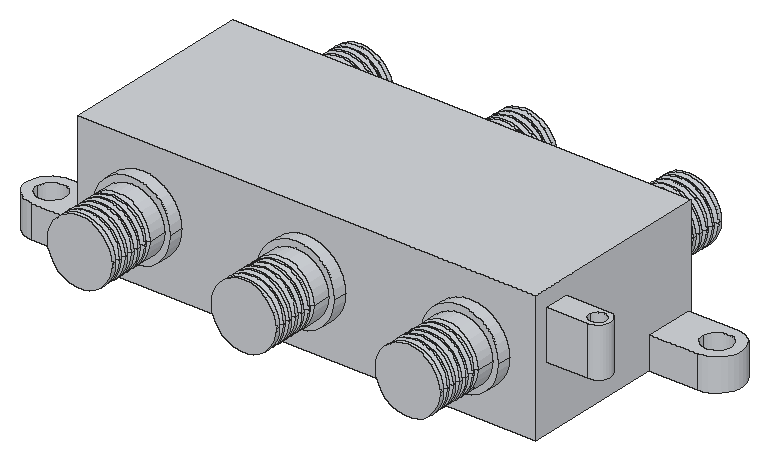
Revit family "Derivador 417-423-426", category Aparatos eléctricos, Revit 2019 (continued)
Lines and regions (mm)
  model lines, detail levels fine
    curve 237: line (23.021, -4.919, 20) -> (23.809, -4.919, 20)
    curve 238: line (23.809, -4.919, 20) -> (23.809, -4.432, 20)
    curve 239: arc (23.021, -4.919, 20) -> (22.889, -5.01, 20) -> (22.839, -5.162, 20) r 0.254
    curve 240: line (21.911, -6.133, 20) -> (21.911, -6.614, 20)
    curve 241: line (26.008, -6.085, 20) -> (24.818, -6.085, 20)
    curve 242: arc (24.818, -6.085, 20) -> (24.612, -6.001, 20) -> (24.522, -5.797, 20) r 0.296
    curve 243: line (26.008, -6.614, 20) -> (26.008, -6.085, 20)
    curve 244: line (26.358, -4.396, 20) -> (26.358, -6.614, 20)
    curve 245: line (26.358, -4.396, 20) -> (26.845, -4.396, 20)
    curve 246: line (26.358, -6.614, 20) -> (26.845, -6.614, 20)
    curve 247: line (31.914, -6.614, 20) -> (31.914, -6.133, 20)
    curve 248: line (17.174, -4.396, 20) -> (17.174, -6.614, 20)
    curve 249: circle (16.93, -3.916, 20) r 0.288 normal (0, 0, 1)
    curve 250: line (16.722, -4.396, 20) -> (16.722, -6.614, 20)
    curve 251: line (16.722, -4.396, 20) -> (17.174, -4.396, 20)
    curve 252: line (16.651, -6.614, 20) -> (17.174, -6.614, 20)
    curve 253: line (19.385, -4.36, 20) -> (19.879, -4.36, 20)
    curve 254: arc (18.35, -5.921, 20) -> (18.503, -6.027, 20) -> (18.655, -5.921, 20) r 0.163
    curve 255: line (24.159, 0.078, 20) -> (22.603, 1.004, 20)
    curve 256: line (20.928, -0.824, 20) -> (22.592, -1.973, 20)
    curve 257: arc (22.592, -1.973, 20) -> (22.67, -1.998, 20) -> (22.749, -1.973, 20) r 0.139
    curve 258: line (20.928, -0.824, 20) -> (20.666, -0.411, 20)
    curve 259: line (24.159, 0.078, 20) -> (24.336, -0.376, 20)
    curve 260: arc (22.656, 3.752, 20) -> (22.527, 3.751, 20) -> (22.406, 3.709, 20) r 0.387
    curve 261: arc (22.603, 1.004, 20) -> (22.471, 1.039, 20) -> (22.339, 1.004, 20) r 0.269
    curve 262: line (-25.242, -3.3, 20) -> (-25.867, -3.3, 20)
    curve 263: line (-25.867, -3.3, 20) -> (-26.409, -2.419, 20)
    curve 264: line (-26.409, -2.419, 20) -> (-27.03, -2.425, 20)
    curve 265: line (-27.03, -2.425, 20) -> (-27.03, -3.3, 20)
    curve 266: line (-27.03, -3.3, 20) -> (-27.461, -3.3, 20)
    curve 267: line (-27.461, -3.3, 20) -> (-27.461, -1.987, 20)
    curve 268: line (-27.461, -1.987, 20) -> (-26.167, -1.987, 20)
    curve 269: arc (-26.167, -1.987, 20) -> (-25.901, -1.721, 20) -> (-26.167, -1.454, 20) r 0.266
    curve 270: line (-26.167, -1.454, 20) -> (-27.461, -1.454, 20)
    curve 271: line (-27.461, -1.454, 20) -> (-27.461, -1.006, 20)
    curve 272: line (-27.461, -1.006, 20) -> (-26.114, -1.006, 20)
    curve 273: arc (-26.114, -1.006, 20) -> (-25.422, -1.63, 20) -> (-25.974, -2.381, 20) r 0.695
    curve 274: line (-25.974, -2.381, 20) -> (-25.242, -3.3, 20)
    curve 275: line (-24.403, -1.552, 20) -> (-24.403, -3.36, 20)
    curve 276: circle (-24.602, -1.16, 20) r 0.234 normal (0, 0, 1)
    curve 277: line (-24.83, -1.552, 20) -> (-24.83, -3.36, 20)
    curve 278: line (-24.83, -1.552, 20) -> (-24.403, -1.552, 20)
    curve 279: line (-24.83, -3.36, 20) -> (-24.403, -3.36, 20)
    curve 280: line (-24.097, -1.56, 20) -> (-23.469, -1.56, 20)
    curve 281: line (-23.469, -1.56, 20) -> (-23.469, -3.344, 20)
    curve 282: line (-23.469, -3.344, 20) -> (-22.933, -3.344, 20)
    curve 283: line (-22.933, -3.344, 20) -> (-22.933, -1.56, 20)
    curve 284: line (-22.933, -1.56, 20) -> (-22.311, -1.56, 20)
    curve 285: line (-24.097, -1.024, 20) -> (-22.311, -1.024, 20)
    curve 286: line (-24.097, -1.56, 20) -> (-24.097, -1.024, 20)
    curve 287: line (-22.311, -1.56, 20) -> (-22.311, -1.024, 20)
    curve 288: line (-20.392, -3.301, 20) -> (-21.619, -3.301, 20)
    curve 289: arc (-21.619, -3.301, 20) -> (-21.939, -3.165, 20) -> (-22.063, -2.84, 20) r 0.444
    curve 290: line (-22.063, -2.84, 20) -> (-22.063, -1.926, 20)
    curve 291: arc (-22.063, -1.926, 20) -> (-21.948, -1.636, 20) -> (-21.667, -1.502, 20) r 0.425
    curve 292: line (-21.667, -1.502, 20) -> (-20.847, -1.502, 20)
    curve 293: arc (-20.847, -1.502, 20) -> (-20.298, -2.021, 20) -> (-20.817, -2.57, 20) r 0.534
    curve 294: line (-20.817, -2.57, 20) -> (-21.483, -2.57, 20)
    curve 295: arc (-21.483, -2.57, 20) -> (-21.652, -2.739, 20) -> (-21.483, -2.909, 20) r 0.169
    curve 296: line (-21.483, -2.909, 20) -> (-20.392, -2.909, 20)
    curve 297: line (-18.509, -3.301, 20) -> (-19.596, -3.301, 20)
    curve 298: arc (-19.596, -3.301, 20) -> (-19.98, -3.186, 20) -> (-20.121, -2.811, 20) r 0.45
    curve 299: line (-20.121, -2.811, 20) -> (-20.121, -1.051, 20)
    curve 300: line (-20.121, -1.051, 20) -> (-19.721, -1.051, 20)
    curve 301: line (-19.721, -1.051, 20) -> (-19.721, -2.635, 20)
    curve 302: spline (-20.692, -2.087, 20) -> (-20.709, -2.03, 20) -> (-20.758, -1.978, 20) -> (-20.836, -1.932, 20) -> (-20.938, -1.898, 20) -> (-21.056, -1.876, 20) -> (-21.184, -1.868, 20) -> (-21.311, -1.876, 20) -> (-21.43, -1.898, 20) -> (-21.532, -1.932, 20) -> (-21.61, -1.978, 20) -> (-21.659, -2.03, 20) -> (-21.676, -2.087, 20) -> (-21.659, -2.143, 20) -> (-21.61, -2.196, 20) -> (-21.532, -2.241, 20) -> (-21.43, -2.275, 20) -> (-21.311, -2.297, 20) -> (-21.184, -2.305, 20) -> (-21.056, -2.297, 20) -> (-20.938, -2.275, 20) -> (-20.836, -2.241, 20) -> (-20.758, -2.196, 20) -> (-20.709, -2.143, 20) -> (-20.692, -2.087, 20)
    curve 303: line (-20.392, -2.909, 20) -> (-20.392, -3.301, 20)
    curve 304: line (-18.509, -2.87, 20) -> (-19.479, -2.87, 20)
    curve 305: arc (-19.479, -2.87, 20) -> (-19.647, -2.801, 20) -> (-19.721, -2.635, 20) r 0.242
    curve 306: line (-18.509, -3.301, 20) -> (-18.509, -2.87, 20)
    curve 307: line (114.004, 46.287, 0) -> (113.237, 46.287, 0)
    curve 308: line (113.237, 46.287, 0) -> (112.572, 47.368, 0)
    curve 309: line (112.572, 47.368, 0) -> (111.81, 47.361, 0)
    curve 310: line (111.81, 47.361, 0) -> (111.81, 46.287, 0)
    curve 311: line (111.81, 46.287, 0) -> (111.282, 46.287, 0)
    curve 312: line (111.282, 46.287, 0) -> (111.282, 47.898, 0)
    curve 313: line (111.282, 47.898, 0) -> (112.868, 47.898, 0)
    curve 314: arc (112.868, 47.898, 0) -> (113.195, 48.225, 0) -> (112.868, 48.552, 0) r 0.327
    curve 315: line (112.868, 48.552, 0) -> (111.282, 48.552, 0)
    curve 316: line (111.282, 48.552, 0) -> (111.282, 49.102, 0)
    curve 317: line (111.282, 49.102, 0) -> (112.934, 49.102, 0)
    curve 318: arc (112.934, 49.102, 0) -> (113.782, 48.336, 0) -> (113.106, 47.415, 0) r 0.852
    curve 319: line (113.106, 47.415, 0) -> (114.004, 46.287, 0)
    curve 320: line (114.561, 48.542, 0) -> (115.116, 48.542, 0)
    curve 321: line (115.116, 48.542, 0) -> (115.703, 46.98, 0)
    curve 322: line (119.264, 46.287, 0) -> (117.759, 46.287, 0)
    curve 323: arc (117.759, 46.287, 0) -> (117.367, 46.454, 0) -> (117.215, 46.853, 0) r 0.544
    curve 324: line (117.215, 46.853, 0) -> (117.215, 47.974, 0)
    curve 325: arc (117.215, 47.974, 0) -> (117.356, 48.33, 0) -> (117.701, 48.494, 0) r 0.521
    curve 326: line (117.701, 48.494, 0) -> (118.706, 48.494, 0)
    curve 327: arc (118.706, 48.494, 0) -> (119.38, 47.858, 0) -> (118.743, 47.184, 0) r 0.655
    curve 328: line (118.743, 47.184, 0) -> (117.926, 47.184, 0)
    curve 329: arc (117.926, 47.184, 0) -> (117.719, 46.976, 0) -> (117.926, 46.768, 0) r 0.208
    curve 330: line (117.926, 46.768, 0) -> (119.264, 46.768, 0)
    curve 331: line (120.192, 47.74, 0) -> (120.192, 46.341, 0)
    curve 332: line (120.192, 46.341, 0) -> (119.715, 46.341, 0)
    curve 333: line (119.715, 46.341, 0) -> (119.715, 47.912, 0)
    curve 334: arc (119.715, 47.912, 0) -> (119.833, 48.262, 0) -> (120.139, 48.47, 0) r 0.58
    curve 335: line (120.139, 48.47, 0) -> (121.162, 48.47, 0)
    curve 336: line (123.361, 46.287, 0) -> (122.027, 46.287, 0)
    curve 337: arc (122.027, 46.287, 0) -> (121.556, 46.428, 0) -> (121.384, 46.888, 0) r 0.552
    curve 338: line (121.384, 46.888, 0) -> (121.384, 49.047, 0)
    curve 339: line (121.384, 49.047, 0) -> (121.875, 49.047, 0)
    curve 340: line (121.875, 49.047, 0) -> (121.875, 47.104, 0)
    curve 341: line (124.198, 48.506, 0) -> (124.198, 46.287, 0)
    curve 342: circle (123.954, 48.986, 0) r 0.288 normal (0, 0, 1)
    curve 343: line (124.593, 46.287, 0) -> (125.098, 46.287, 0)
    curve 344: line (125.098, 46.287, 0) -> (125.098, 48.02, 0)
    curve 345: line (125.098, 48.02, 0) -> (125.826, 48.02, 0)
    curve 346: arc (125.826, 48.02, 0) -> (126.188, 47.896, 0) -> (126.396, 47.574, 0) r 0.588
    curve 347: line (126.396, 47.574, 0) -> (126.396, 46.287, 0)
    curve 348: line (126.396, 46.287, 0) -> (126.895, 46.287, 0)
    curve 349: line (126.895, 46.287, 0) -> (126.895, 47.509, 0)
    curve 350: arc (126.895, 47.509, 0) -> (126.704, 48.088, 0) -> (126.206, 48.44, 0) r 0.973
    curve 351: line (126.206, 48.44, 0) -> (124.593, 48.44, 0)
    curve 352: line (124.593, 48.44, 0) -> (124.593, 46.287, 0)
    curve 353: line (129.267, 46.287, 0) -> (127.762, 46.287, 0)
    curve 354: arc (127.762, 46.287, 0) -> (127.39, 46.442, 0) -> (127.237, 46.816, 0) r 0.526
    curve 355: line (127.237, 46.816, 0) -> (127.237, 47.978, 0)
    curve 356: arc (127.237, 47.978, 0) -> (127.373, 48.326, 0) -> (127.71, 48.489, 0) r 0.513
    curve 357: line (127.71, 48.489, 0) -> (128.709, 48.489, 0)
    curve 358: arc (128.709, 48.489, 0) -> (129.38, 47.855, 0) -> (128.747, 47.184, 0) r 0.653
    curve 359: line (128.747, 47.184, 0) -> (127.93, 47.184, 0)
    curve 360: arc (127.93, 47.184, 0) -> (127.722, 46.976, 0) -> (127.93, 46.768, 0) r 0.208
    curve 361: line (127.93, 46.768, 0) -> (129.267, 46.768, 0)
    curve 362: spline (128.9, 47.777, 0) -> (128.879, 47.846, 0) -> (128.819, 47.911, 0) -> (128.723, 47.966, 0) -> (128.598, 48.008, 0) -> (128.453, 48.035, 0) -> (128.297, 48.044, 0) -> (128.14, 48.035, 0) -> (127.995, 48.008, 0) -> (127.87, 47.966, 0) -> (127.774, 47.911, 0) -> (127.714, 47.846, 0) -> (127.693, 47.777, 0) -> (127.714, 47.708, 0) -> (127.774, 47.643, 0) -> (127.87, 47.588, 0) -> (127.995, 47.545, 0) -> (128.14, 47.518, 0) -> (128.297, 47.509, 0) -> (128.453, 47.518, 0) -> (128.598, 47.545, 0) -> (128.723, 47.588, 0) -> (128.819, 47.643, 0) -> (128.879, 47.708, 0) -> (128.9, 47.777, 0)
    curve 363: spline (118.897, 47.777, 0) -> (118.876, 47.846, 0) -> (118.816, 47.911, 0) -> (118.72, 47.966, 0) -> (118.595, 48.008, 0) -> (118.45, 48.035, 0) -> (118.293, 48.044, 0) -> (118.137, 48.035, 0) -> (117.992, 48.008, 0) -> (117.867, 47.966, 0) -> (117.771, 47.911, 0) -> (117.711, 47.846, 0) -> (117.69, 47.777, 0) -> (117.711, 47.708, 0) -> (117.771, 47.643, 0) -> (117.867, 47.588, 0) -> (117.992, 47.545, 0) -> (118.137, 47.518, 0) -> (118.293, 47.509, 0) -> (118.45, 47.518, 0) -> (118.595, 47.545, 0) -> (118.72, 47.588, 0) -> (118.816, 47.643, 0) -> (118.876, 47.708, 0) -> (118.897, 47.777, 0)
    curve 364: line (120.102, 50.928, 0) -> (121.873, 51.901, 0)
    curve 365: arc (121.873, 51.901, 0) -> (122.479, 51.724, 0) -> (122.303, 51.118, 0) r 0.446
    curve 366: line (122.303, 51.118, 0) -> (120.313, 49.956, 0)
    curve 367: arc (120.313, 49.956, 0) -> (120.03, 49.88, 0) -> (119.746, 49.956, 0) r 0.561
    curve 368: line (119.746, 49.956, 0) -> (117.377, 51.561, 0)
    curve 369: line (117.377, 51.561, 0) -> (118.018, 52.491, 0)
    curve 370: line (119.692, 53.906, 0) -> (117.988, 52.944, 0)
    curve 371: arc (117.988, 52.944, 0) -> (117.322, 53.134, 0) -> (117.518, 53.798, 0) r 0.487
    curve 372: line (117.518, 53.798, 0) -> (121.373, 55.925, 0)
    curve 373: line (121.373, 55.925, 0) -> (120.008, 56.653, 0)
    curve 374: line (119.758, 56.611, 0) -> (117.265, 55.243, 0)
    curve 375: line (117.265, 55.243, 0) -> (117.265, 56.267, 0)
    curve 376: line (117.265, 56.267, 0) -> (119.668, 57.611, 0)
    curve 377: arc (119.668, 57.611, 0) -> (119.916, 57.669, 0) -> (120.157, 57.585, 0) r 0.46
    curve 378: line (120.157, 57.585, 0) -> (122.344, 56.449, 0)
    curve 379: line (122.344, 56.449, 0) -> (122.344, 55.395, 0)
    curve 380: line (122.344, 55.395, 0) -> (120.741, 54.478, 0)
    curve 381: line (120.741, 54.478, 0) -> (122.376, 53.529, 0)
    curve 382: line (122.376, 53.529, 0) -> (122.376, 52.955, 0)
    curve 383: line (122.376, 52.955, 0) -> (121.688, 52.525, 0)
    curve 384: line (116.008, 46.98, 0) -> (116.737, 48.542, 0)
    curve 385: line (117.231, 48.542, 0) -> (116.323, 46.558, 0)
    curve 386: arc (116.323, 46.558, 0) -> (115.905, 46.287, 0) -> (115.483, 46.552, 0) r 0.463
    curve 387: line (115.483, 46.552, 0) -> (114.561, 48.542, 0)
    curve 388: line (120.373, 47.983, 0) -> (121.162, 47.983, 0)
    curve 389: line (121.162, 47.983, 0) -> (121.162, 48.47, 0)
    curve 390: arc (120.373, 47.983, 0) -> (120.242, 47.891, 0) -> (120.192, 47.74, 0) r 0.254
    curve 391: line (119.264, 46.768, 0) -> (119.264, 46.287, 0)
    curve 392: line (123.361, 46.816, 0) -> (122.171, 46.816, 0)
    curve 393: arc (122.171, 46.816, 0) -> (121.964, 46.9, 0) -> (121.875, 47.104, 0) r 0.296
    curve 394: line (123.361, 46.287, 0) -> (123.361, 46.816, 0)
    curve 395: line (123.711, 48.506, 0) -> (123.711, 46.287, 0)
    curve 396: line (123.711, 48.506, 0) -> (124.198, 48.506, 0)
    curve 397: line (123.711, 46.287, 0) -> (124.198, 46.287, 0)
    curve 398: line (129.267, 46.287, 0) -> (129.267, 46.768, 0)
    curve 399: line (114.527, 48.506, 0) -> (114.527, 46.287, 0)
    curve 400: circle (114.283, 48.986, 0) r 0.288 normal (0, 0, 1)
    curve 401: line (114.075, 48.506, 0) -> (114.075, 46.287, 0)
    curve 402: line (114.075, 48.506, 0) -> (114.527, 48.506, 0)
    curve 403: line (114.004, 46.287, 0) -> (114.527, 46.287, 0)
    curve 404: line (116.737, 48.542, 0) -> (117.231, 48.542, 0)
    curve 405: arc (115.703, 46.98, 0) -> (115.855, 46.875, 0) -> (116.008, 46.98, 0) r 0.163
    curve 406: line (121.512, 52.98, 0) -> (119.956, 53.906, 0)
    curve 407: line (118.28, 52.077, 0) -> (119.945, 50.928, 0)
    curve 408: arc (119.945, 50.928, 0) -> (120.023, 50.904, 0) -> (120.102, 50.928, 0) r 0.139
    curve 409: line (118.28, 52.077, 0) -> (118.018, 52.491, 0)
    curve 410: line (121.512, 52.98, 0) -> (121.688, 52.525, 0)
    curve 411: arc (120.008, 56.653, 0) -> (119.88, 56.653, 0) -> (119.758, 56.611, 0) r 0.387
    curve 412: arc (119.956, 53.906, 0) -> (119.824, 53.94, 0) -> (119.692, 53.906, 0) r 0.269
    curve 413: line (-48.211, 6.326, 0) -> (-49.614, 8.758, 0)
    curve 414: line (-49.614, 8.758, 0) -> (-53.19, 2.861, 0)
    curve 415: line (-53.19, 2.861, 0) -> (-46.311, 2.861, 0)
    curve 416: line (-46.311, 2.861, 0) -> (-47.923, 5.836, 0)
    curve 417: line (-47.625, 6.217, 0) -> (-45.424, 2.295, 0)
    curve 418: line (-45.424, 2.295, 0) -> (-54.046, 2.295, 0)
    curve 419: line (-54.046, 2.295, 0) -> (-49.562, 9.669, 0)
    curve 420: line (-49.562, 9.669, 0) -> (-47.861, 6.638, 0)
    curve 421: line (-46.008, 8.284, 0) -> (-49.853, 4.867, 0)
    curve 422: line (-49.853, 4.867, 0) -> (-51.264, 5.81, 0)
    curve 423: line (-49.826, 3.402, 0) -> (-46.008, 8.284, 0)
    curve 424: line (-51.264, 5.166, 0) -> (-49.826, 3.402, 0)
    curve 425: line (-51.264, 5.81, 0) -> (-51.264, 5.166, 0)
    curve 426: line (-51.85, -0.325, 0) -> (-52.475, -0.325, 0)
    curve 427: line (-52.475, -0.325, 0) -> (-53.017, 0.556, 0)
    curve 428: line (-53.017, 0.556, 0) -> (-53.638, 0.551, 0)
    curve 429: line (-53.638, 0.551, 0) -> (-53.638, -0.325, 0)
    curve 430: line (-53.638, -0.325, 0) -> (-54.069, -0.325, 0)
    curve 431: line (-54.069, -0.325, 0) -> (-54.069, 0.988, 0)
    curve 432: line (-54.069, 0.988, 0) -> (-52.775, 0.988, 0)
    curve 433: arc (-52.775, 0.988, 0) -> (-52.509, 1.255, 0) -> (-52.775, 1.521, 0) r 0.266
    curve 434: line (-52.775, 1.521, 0) -> (-54.069, 1.521, 0)
    curve 435: line (-54.069, 1.521, 0) -> (-54.069, 1.97, 0)
    curve 436: line (-54.069, 1.97, 0) -> (-52.722, 1.97, 0)
    curve 437: arc (-52.722, 1.97, 0) -> (-52.03, 1.345, 0) -> (-52.582, 0.595, 0) r 0.695
    curve 438: line (-52.582, 0.595, 0) -> (-51.85, -0.325, 0)
    curve 439: line (-51.011, 1.424, 0) -> (-51.011, -0.385, 0)
    curve 440: circle (-51.21, 1.815, 0) r 0.234 normal (0, 0, 1)
    curve 441: line (-51.438, 1.424, 0) -> (-51.438, -0.385, 0)
    curve 442: line (-51.438, 1.424, 0) -> (-51.011, 1.424, 0)
    curve 443: line (-51.438, -0.385, 0) -> (-51.011, -0.385, 0)
    curve 444: line (-50.705, 1.416, 0) -> (-50.077, 1.416, 0)
    curve 445: line (-50.077, 1.416, 0) -> (-50.077, -0.368, 0)
    curve 446: line (-50.077, -0.368, 0) -> (-49.541, -0.368, 0)
    curve 447: line (-49.541, -0.368, 0) -> (-49.541, 1.416, 0)
    curve 448: line (-49.541, 1.416, 0) -> (-48.919, 1.416, 0)
    curve 449: line (-50.705, 1.952, 0) -> (-48.919, 1.952, 0)
    curve 450: line (-50.705, 1.416, 0) -> (-50.705, 1.952, 0)
    curve 451: line (-48.919, 1.416, 0) -> (-48.919, 1.952, 0)
    curve 452: line (-47, -0.325, 0) -> (-48.227, -0.325, 0)
    curve 453: arc (-48.227, -0.325, 0) -> (-48.547, -0.189, 0) -> (-48.671, 0.136, 0) r 0.444
    curve 454: line (-48.671, 0.136, 0) -> (-48.671, 1.05, 0)
    curve 455: arc (-48.671, 1.05, 0) -> (-48.556, 1.34, 0) -> (-48.275, 1.474, 0) r 0.425
    curve 456: line (-48.275, 1.474, 0) -> (-47.455, 1.474, 0)
    curve 457: arc (-47.455, 1.474, 0) -> (-46.906, 0.955, 0) -> (-47.425, 0.406, 0) r 0.534
    curve 458: line (-47.425, 0.406, 0) -> (-48.091, 0.406, 0)
    curve 459: arc (-48.091, 0.406, 0) -> (-48.26, 0.236, 0) -> (-48.091, 0.067, 0) r 0.169
    curve 460: line (-48.091, 0.067, 0) -> (-47, 0.067, 0)
    curve 461: line (-45.117, -0.325, 0) -> (-46.205, -0.325, 0)
    curve 462: arc (-46.205, -0.325, 0) -> (-46.588, -0.211, 0) -> (-46.729, 0.164, 0) r 0.45
    curve 463: line (-46.729, 0.164, 0) -> (-46.729, 1.925, 0)
    curve 464: line (-46.729, 1.925, 0) -> (-46.329, 1.925, 0)
    curve 465: line (-46.329, 1.925, 0) -> (-46.329, 0.341, 0)
    curve 466: spline (-47.3, 0.889, 0) -> (-47.317, 0.945, 0) -> (-47.366, 0.998, 0) -> (-47.444, 1.043, 0) -> (-47.546, 1.078, 0) -> (-47.664, 1.1, 0) -> (-47.792, 1.107, 0) -> (-47.919, 1.1, 0) -> (-48.038, 1.078, 0) -> (-48.14, 1.043, 0) -> (-48.218, 0.998, 0) -> (-48.267, 0.945, 0) -> (-48.284, 0.889, 0) -> (-48.267, 0.833, 0) -> (-48.218, 0.78, 0) -> (-48.14, 0.735, 0) -> (-48.038, 0.7, 0) -> (-47.919, 0.678, 0) -> (-47.792, 0.671, 0) -> (-47.664, 0.678, 0) -> (-47.546, 0.7, 0) -> (-47.444, 0.735, 0) -> (-47.366, 0.78, 0) -> (-47.317, 0.833, 0) -> (-47.3, 0.889, 0)
    curve 467: line (-47, 0.067, 0) -> (-47, -0.325, 0)
    curve 468: line (-45.117, 0.106, 0) -> (-46.087, 0.106, 0)
    curve 469: arc (-46.087, 0.106, 0) -> (-46.255, 0.174, 0) -> (-46.329, 0.341, 0) r 0.242
    curve 470: line (-45.117, -0.325, 0) -> (-45.117, 0.106, 0)
    curve 770: line (-23.371, 10.358, 20) -> (-23.931, 10.358, 20)
    curve 771: line (-25.215, 11.091, 20) -> (-25.557, 10.358, 20)
    curve 772: line (-26.051, 10.358, 20) -> (-25.138, 12.353, 20)
    curve 773: arc (-25.138, 12.353, 20) -> (-24.721, 12.623, 20) -> (-24.299, 12.359, 20) r 0.463
    curve 774: line (-24.299, 12.359, 20) -> (-23.371, 10.358, 20)
    curve 775: line (-25.557, 10.358, 20) -> (-26.051, 10.358, 20)
    curve 776: arc (-24.518, 11.93, 20) -> (-24.671, 12.036, 20) -> (-24.823, 11.93, 20) r 0.163
    curve 777: line (-22.509, 11.198, 20) -> (-22.509, 10.398, 20)
    curve 778: line (-22.509, 10.398, 20) -> (-22.907, 10.398, 20)
    curve 779: line (-22.907, 10.398, 20) -> (-22.907, 11.612, 20)
    curve 780: line (-22.907, 11.612, 20) -> (-21.711, 11.612, 20)
    curve 781: arc (-21.711, 11.612, 20) -> (-21.465, 11.859, 20) -> (-21.711, 12.105, 20) r 0.246
    curve 782: line (-21.711, 12.105, 20) -> (-22.907, 12.105, 20)
    curve 783: line (-22.907, 12.105, 20) -> (-22.907, 12.52, 20)
    curve 784: line (-22.907, 12.52, 20) -> (-21.662, 12.52, 20)
    curve 785: line (-22.509, 11.198, 20) -> (-21.662, 11.198, 20)
    curve 807: line (-24.246, 11.207, 20) -> (-24.518, 11.93, 20)
    curve 818: line (22.489, -9.022, 20) -> (21.93, -9.022, 20)
    curve 819: line (20.645, -8.289, 20) -> (20.303, -9.022, 20)
    curve 820: line (19.809, -9.022, 20) -> (20.722, -7.028, 20)
    curve 821: arc (20.722, -7.028, 20) -> (21.14, -6.757, 20) -> (21.562, -7.021, 20) r 0.463
    curve 822: line (21.562, -7.021, 20) -> (22.489, -9.022, 20)
    curve 823: line (20.303, -9.022, 20) -> (19.809, -9.022, 20)
    curve 824: arc (21.342, -7.45, 20) -> (21.19, -7.344, 20) -> (21.037, -7.45, 20) r 0.163
    curve 825: line (23.351, -8.183, 20) -> (23.351, -8.982, 20)
    curve 826: line (23.351, -8.982, 20) -> (22.953, -8.982, 20)
    curve 827: line (22.953, -8.982, 20) -> (22.953, -7.768, 20)
    curve 828: line (22.953, -7.768, 20) -> (24.149, -7.768, 20)
    curve 829: arc (24.149, -7.768, 20) -> (24.395, -7.522, 20) -> (24.149, -7.275, 20) r 0.246
    curve 830: line (24.149, -7.275, 20) -> (22.953, -7.275, 20)
    curve 831: line (22.953, -7.275, 20) -> (22.953, -6.861, 20)
    curve 832: line (22.953, -6.861, 20) -> (24.199, -6.861, 20)
    curve 833: line (23.351, -8.183, 20) -> (24.199, -8.183, 20)
    curve 855: line (21.615, -8.173, 20) -> (21.342, -7.45, 20)
    curve 866: line (-23.371, -8.81, 20) -> (-23.931, -8.81, 20)
    curve 867: line (-25.215, -8.078, 20) -> (-25.557, -8.81, 20)
    curve 868: line (-26.051, -8.81, 20) -> (-25.138, -6.816, 20)
    curve 869: arc (-25.138, -6.816, 20) -> (-24.721, -6.545, 20) -> (-24.299, -6.81, 20) r 0.463
    curve 870: line (-24.299, -6.81, 20) -> (-23.371, -8.81, 20)
    curve 871: line (-25.557, -8.81, 20) -> (-26.051, -8.81, 20)
    curve 872: arc (-24.518, -7.238, 20) -> (-24.671, -7.133, 20) -> (-24.823, -7.238, 20) r 0.163
    curve 873: line (-22.509, -7.971, 20) -> (-22.509, -8.77, 20)
    curve 874: line (-22.509, -8.77, 20) -> (-22.907, -8.77, 20)
    curve 875: line (-22.907, -8.77, 20) -> (-22.907, -7.556, 20)
    curve 876: line (-22.907, -7.556, 20) -> (-21.711, -7.556, 20)
    curve 877: arc (-21.711, -7.556, 20) -> (-21.465, -7.31, 20) -> (-21.711, -7.064, 20) r 0.246
    curve 878: line (-21.711, -7.064, 20) -> (-22.907, -7.064, 20)
    curve 879: line (-22.907, -7.064, 20) -> (-22.907, -6.649, 20)
    curve 880: line (-22.907, -6.649, 20) -> (-21.662, -6.649, 20)
    curve 881: line (-22.509, -7.971, 20) -> (-21.662, -7.971, 20)
    curve 903: line (-24.246, -7.962, 20) -> (-24.518, -7.238, 20)
    curve 914: line (24.983, -8.3, 20) -> (24.423, -8.3, 20)
    curve 915: line (23.139, -7.568, 20) -> (22.796, -8.3, 20)
    curve 916: line (22.302, -8.3, 20) -> (23.215, -6.306, 20)
    curve 917: arc (23.215, -6.306, 20) -> (23.633, -6.035, 20) -> (24.055, -6.3, 20) r 0.463
    curve 918: line (24.055, -6.3, 20) -> (24.983, -8.3, 20)
    curve 919: line (22.796, -8.3, 20) -> (22.302, -8.3, 20)
    curve 920: arc (23.836, -6.728, 20) -> (23.683, -6.623, 20) -> (23.531, -6.728, 20) r 0.163
    curve 921: line (25.845, -7.461, 20) -> (25.845, -8.26, 20)
    curve 922: line (25.845, -8.26, 20) -> (25.447, -8.26, 20)
    curve 923: line (25.447, -8.26, 20) -> (25.447, -7.046, 20)
    curve 924: line (25.447, -7.046, 20) -> (26.642, -7.046, 20)
    curve 925: arc (26.642, -7.046, 20) -> (26.889, -6.8, 20) -> (26.642, -6.554, 20) r 0.246
    curve 926: line (26.642, -6.554, 20) -> (25.447, -6.554, 20)
    curve 927: line (25.447, -6.554, 20) -> (25.447, -6.139, 20)
    curve 928: line (25.447, -6.139, 20) -> (26.692, -6.139, 20)
    curve 929: line (25.845, -7.461, 20) -> (26.692, -7.461, 20)
    curve 951: line (24.108, -7.452, 20) -> (23.836, -6.728, 20)
    curve 962: line (25.081, 9.526, 20) -> (24.522, 9.526, 20)
    curve 963: line (23.237, 10.258, 20) -> (22.895, 9.526, 20)
    curve 964: line (22.401, 9.526, 20) -> (23.314, 11.52, 20)
    curve 965: arc (23.314, 11.52, 20) -> (23.732, 11.79, 20) -> (24.154, 11.526, 20) r 0.463
    curve 966: line (24.154, 11.526, 20) -> (25.081, 9.526, 20)
    curve 967: line (22.895, 9.526, 20) -> (22.401, 9.526, 20)
    curve 968: arc (23.934, 11.097, 20) -> (23.782, 11.203, 20) -> (23.629, 11.097, 20) r 0.163
    curve 969: line (25.943, 10.365, 20) -> (25.943, 9.565, 20)
    curve 970: line (25.943, 9.565, 20) -> (25.545, 9.565, 20)
    curve 971: line (25.545, 9.565, 20) -> (25.545, 10.779, 20)
    curve 972: line (25.545, 10.779, 20) -> (26.741, 10.779, 20)
    curve 973: arc (26.741, 10.779, 20) -> (26.987, 11.026, 20) -> (26.741, 11.272, 20) r 0.246
    curve 974: line (26.741, 11.272, 20) -> (25.545, 11.272, 20)
    curve 975: line (25.545, 11.272, 20) -> (25.545, 11.687, 20)
    curve 976: line (25.545, 11.687, 20) -> (26.791, 11.687, 20)
    curve 977: line (25.943, 10.365, 20) -> (26.791, 10.365, 20)
    curve 999: line (24.207, 10.374, 20) -> (23.934, 11.097, 20)
  model lines, visible <- "Visibilidad 417", detail levels medium+fine
    curve 571: line (3.994, -1.179, 20) -> (2.573, -1.179, 20)
    curve 572: arc (2.573, -1.179, 20) -> (2.012, -0.885, 20) -> (1.935, -0.256, 20) r 0.682
    curve 573: line (1.935, -0.256, 20) -> (3.275, 1.541, 20)
    curve 574: arc (3.275, 1.541, 20) -> (4.119, 1.803, 20) -> (4.673, 1.115, 20) r 0.786
    curve 575: line (4.673, 1.115, 20) -> (4.686, -1.839, 20)
    curve 576: arc (4.686, -1.839, 20) -> (4.34, -2.187, 20) -> (3.994, -1.839, 20) r 0.346
    curve 577: line (2.692, -0.607, 20) -> (3.933, -0.607, 20)
    curve 578: line (3.933, -0.607, 20) -> (3.933, 0.868, 20)
    curve 579: line (3.933, 0.868, 20) -> (2.692, -0.607, 20)
    curve 580: line (3.994, -1.839, 20) -> (3.994, -1.179, 20)
    curve 582: line (6.17, 0.797, 20) -> (6.17, -1.672, 20)
    curve 583: arc (6.17, -1.672, 20) -> (6.571, -2.074, 20) -> (6.972, -1.672, 20) r 0.401
    curve 584: line (6.972, -1.672, 20) -> (6.972, 2.093, 20)
    curve 585: line (6.972, 2.093, 20) -> (5.246, 1.121, 20)
    curve 586: arc (5.246, 1.121, 20) -> (5.279, 0.632, 20) -> (5.729, 0.44, 20) r 0.468
    curve 587: line (5.729, 0.44, 20) -> (6.17, 0.797, 20)
    curve 588: line (9.739, 0.469, 20) -> (8.158, -1.396, 20)
    curve 589: arc (8.158, -1.396, 20) -> (8.204, -2.052, 20) -> (8.861, -2.022, 20) r 0.471
    curve 590: line (8.861, -2.022, 20) -> (10.781, 0.457, 20)
    curve 591: arc (10.781, 0.457, 20) -> (10.86, 1.396, 20) -> (10.035, 1.85, 20) r 0.865
    curve 592: arc (10.035, 1.85, 20) -> (8.981, 1.812, 20) -> (7.928, 1.85, 20) r 14.624
    curve 593: arc (7.928, 1.85, 20) -> (7.481, 1.44, 20) -> (7.917, 1.017, 20) r 0.417
    curve 594: line (7.917, 1.017, 20) -> (9.585, 0.995, 20)
    curve 595: arc (9.585, 0.995, 20) -> (9.857, 0.789, 20) -> (9.739, 0.469, 20) r 0.287
    curve 596: line (-15.288, -8.212, 20) -> (-16.709, -8.212, 20)
    curve 597: arc (-16.709, -8.212, 20) -> (-17.27, -7.917, 20) -> (-17.347, -7.289, 20) r 0.682
    curve 598: line (-17.347, -7.289, 20) -> (-16.007, -5.491, 20)
    curve 599: arc (-16.007, -5.491, 20) -> (-15.163, -5.23, 20) -> (-14.609, -5.917, 20) r 0.786
    curve 600: line (-14.609, -5.917, 20) -> (-14.596, -8.872, 20)
    curve 601: arc (-14.596, -8.872, 20) -> (-14.942, -9.219, 20) -> (-15.288, -8.872, 20) r 0.346
    curve 602: line (-16.59, -7.64, 20) -> (-15.35, -7.64, 20)
    curve 603: line (-15.35, -7.64, 20) -> (-15.35, -6.165, 20)
    curve 604: line (-15.35, -6.165, 20) -> (-16.59, -7.64, 20)
    curve 605: line (-15.288, -8.872, 20) -> (-15.288, -8.212, 20)
    curve 606: line (-13.113, -6.236, 20) -> (-13.113, -8.705, 20)
    curve 607: arc (-13.113, -8.705, 20) -> (-12.711, -9.106, 20) -> (-12.31, -8.705, 20) r 0.401
    curve 608: line (-12.31, -8.705, 20) -> (-12.31, -4.939, 20)
    curve 609: line (-12.31, -4.939, 20) -> (-14.036, -5.912, 20)
    curve 610: arc (-14.036, -5.912, 20) -> (-14.003, -6.4, 20) -> (-13.553, -6.592, 20) r 0.468
    curve 611: line (-13.553, -6.592, 20) -> (-13.113, -6.236, 20)
    curve 612: line (-9.544, -6.564, 20) -> (-11.124, -8.429, 20)
    curve 613: arc (-11.124, -8.429, 20) -> (-11.078, -9.084, 20) -> (-10.422, -9.055, 20) r 0.471
    curve 614: line (-10.422, -9.055, 20) -> (-8.501, -6.576, 20)
    curve 615: arc (-8.501, -6.576, 20) -> (-8.422, -5.637, 20) -> (-9.247, -5.183, 20) r 0.865
    curve 616: arc (-9.247, -5.183, 20) -> (-10.301, -5.221, 20) -> (-11.355, -5.183, 20) r 14.624
    curve 617: arc (-11.355, -5.183, 20) -> (-11.802, -5.593, 20) -> (-11.366, -6.015, 20) r 0.417
    curve 618: line (-11.366, -6.015, 20) -> (-9.697, -6.037, 20)
    curve 619: arc (-9.697, -6.037, 20) -> (-9.426, -6.244, 20) -> (-9.544, -6.564, 20) r 0.287
  model lines, visible <- "Vsibilidad 423", detail levels medium+fine
    curve 620: line (3.994, -1.179, 20) -> (2.573, -1.179, 20)
    curve 621: arc (2.573, -1.179, 20) -> (2.012, -0.885, 20) -> (1.935, -0.256, 20) r 0.682
    curve 622: line (1.935, -0.256, 20) -> (3.275, 1.541, 20)
    curve 623: arc (3.275, 1.541, 20) -> (4.119, 1.803, 20) -> (4.673, 1.115, 20) r 0.786
    curve 624: line (4.673, 1.115, 20) -> (4.686, -1.839, 20)
    curve 625: arc (4.686, -1.839, 20) -> (4.34, -2.187, 20) -> (3.994, -1.839, 20) r 0.346
    curve 626: line (2.692, -0.607, 20) -> (3.933, -0.607, 20)
    curve 627: line (3.933, -0.607, 20) -> (3.933, 0.868, 20)
    curve 628: line (3.933, 0.868, 20) -> (2.692, -0.607, 20)
    curve 629: line (3.994, -1.839, 20) -> (3.994, -1.179, 20)
    curve 630: line (5.379, -1.98, 20) -> (8.33, -1.98, 20)
    curve 631: arc (8.33, -1.98, 20) -> (8.726, -1.585, 20) -> (8.33, -1.189, 20) r 0.396
    curve 632: line (8.33, -1.189, 20) -> (6.292, -1.189, 20)
    curve 633: arc (6.292, -1.189, 20) -> (6.019, -0.916, 20) -> (6.292, -0.643, 20) r 0.273
    curve 634: line (6.292, -0.643, 20) -> (7.802, -0.464, 20)
    curve 635: arc (7.802, -0.464, 20) -> (8.767, 0.61, 20) -> (7.814, 1.695, 20) r 1.087
    curve 636: line (7.814, 1.695, 20) -> (5.658, 1.695, 20)
    curve 637: arc (5.658, 1.695, 20) -> (5.274, 1.31, 20) -> (5.658, 0.926, 20) r 0.385
    curve 638: line (5.658, 0.926, 20) -> (7.616, 0.926, 20)
    curve 639: arc (7.616, 0.926, 20) -> (7.94, 0.601, 20) -> (7.616, 0.277, 20) r 0.324
    curve 640: line (7.616, 0.277, 20) -> (6.083, 0.087, 20)
    curve 641: arc (6.083, 0.087, 20) -> (5.581, -0.177, 20) -> (5.379, -0.706, 20) r 0.804
    curve 642: line (5.379, -0.706, 20) -> (5.379, -1.98, 20)
    curve 643: line (9.816, -0.528, 20) -> (11.491, -0.528, 20)
    curve 644: arc (11.491, -0.528, 20) -> (11.881, -0.918, 20) -> (11.491, -1.308, 20) r 0.39
    curve 645: line (11.491, -1.308, 20) -> (9.816, -1.308, 20)
    curve 646: arc (9.816, -1.308, 20) -> (9.468, -1.655, 20) -> (9.816, -2.003, 20) r 0.348
    curve 647: line (9.816, -2.003, 20) -> (11.601, -2.003, 20)
    curve 648: arc (11.601, -2.003, 20) -> (12.587, -1.213, 20) -> (11.797, -0.227, 20) r 0.894
    curve 649: arc (11.797, -0.227, 20) -> (12.61, 0.797, 20) -> (11.586, 1.61, 20) r 0.924
    curve 650: line (11.586, 1.61, 20) -> (9.816, 1.61, 20)
    curve 651: arc (9.816, 1.61, 20) -> (9.464, 1.259, 20) -> (9.816, 0.907, 20) r 0.351
    curve 652: line (9.816, 0.907, 20) -> (11.491, 0.907, 20)
    curve 653: arc (11.491, 0.907, 20) -> (11.892, 0.506, 20) -> (11.491, 0.104, 20) r 0.401
    curve 654: line (11.491, 0.104, 20) -> (9.816, 0.104, 20)
    curve 655: arc (9.816, 0.104, 20) -> (9.5, -0.212, 20) -> (9.816, -0.528, 20) r 0.316
    curve 679: line (-53.077, -5.849, 20) -> (-54.497, -5.849, 20)
    curve 680: arc (-54.497, -5.849, 20) -> (-55.058, -5.555, 20) -> (-55.136, -4.926, 20) r 0.682
    curve 681: line (-55.136, -4.926, 20) -> (-53.796, -3.129, 20)
    curve 682: arc (-53.796, -3.129, 20) -> (-52.952, -2.867, 20) -> (-52.398, -3.555, 20) r 0.786
    curve 683: line (-52.398, -3.555, 20) -> (-52.384, -6.509, 20)
    curve 684: arc (-52.384, -6.509, 20) -> (-52.73, -6.857, 20) -> (-53.077, -6.509, 20) r 0.346
    curve 685: line (-54.379, -5.277, 20) -> (-53.138, -5.277, 20)
    curve 686: line (-53.138, -5.277, 20) -> (-53.138, -3.802, 20)
    curve 687: line (-53.138, -3.802, 20) -> (-54.379, -5.277, 20)
    curve 688: line (-53.077, -6.509, 20) -> (-53.077, -5.849, 20)
    curve 689: line (-51.692, -6.65, 20) -> (-48.741, -6.65, 20)
    curve 690: arc (-48.741, -6.65, 20) -> (-48.345, -6.255, 20) -> (-48.741, -5.859, 20) r 0.396
    curve 691: line (-48.741, -5.859, 20) -> (-50.779, -5.859, 20)
    curve 692: arc (-50.779, -5.859, 20) -> (-51.052, -5.586, 20) -> (-50.779, -5.313, 20) r 0.273
    curve 693: line (-50.779, -5.313, 20) -> (-49.269, -5.135, 20)
    curve 694: arc (-49.269, -5.135, 20) -> (-48.303, -4.06, 20) -> (-49.257, -2.975, 20) r 1.087
    curve 695: line (-49.257, -2.975, 20) -> (-51.412, -2.975, 20)
    curve 696: arc (-51.412, -2.975, 20) -> (-51.797, -3.36, 20) -> (-51.412, -3.744, 20) r 0.385
    curve 697: line (-51.412, -3.744, 20) -> (-49.455, -3.744, 20)
    curve 698: arc (-49.455, -3.744, 20) -> (-49.131, -4.069, 20) -> (-49.455, -4.393, 20) r 0.324
    curve 699: line (-49.455, -4.393, 20) -> (-50.987, -4.583, 20)
    curve 700: arc (-50.987, -4.583, 20) -> (-51.489, -4.847, 20) -> (-51.692, -5.376, 20) r 0.804
    curve 701: line (-51.692, -5.376, 20) -> (-51.692, -6.65, 20)
    curve 702: line (-47.255, -5.198, 20) -> (-45.58, -5.198, 20)
    curve 703: arc (-45.58, -5.198, 20) -> (-45.19, -5.588, 20) -> (-45.58, -5.978, 20) r 0.39
    curve 704: line (-45.58, -5.978, 20) -> (-47.255, -5.978, 20)
    curve 705: arc (-47.255, -5.978, 20) -> (-47.603, -6.325, 20) -> (-47.255, -6.673, 20) r 0.348
    curve 706: line (-47.255, -6.673, 20) -> (-45.47, -6.673, 20)
    curve 707: arc (-45.47, -6.673, 20) -> (-44.483, -5.883, 20) -> (-45.273, -4.897, 20) r 0.894
    curve 708: arc (-45.273, -4.897, 20) -> (-44.46, -3.873, 20) -> (-45.484, -3.06, 20) r 0.924
    curve 709: line (-45.484, -3.06, 20) -> (-47.255, -3.06, 20)
    curve 710: arc (-47.255, -3.06, 20) -> (-47.607, -3.411, 20) -> (-47.255, -3.763, 20) r 0.351
    curve 711: line (-47.255, -3.763, 20) -> (-45.58, -3.763, 20)
    curve 712: arc (-45.58, -3.763, 20) -> (-45.178, -4.164, 20) -> (-45.58, -4.566, 20) r 0.401
    curve 713: line (-45.58, -4.566, 20) -> (-47.255, -4.566, 20)
    curve 714: arc (-47.255, -4.566, 20) -> (-47.571, -4.882, 20) -> (-47.255, -5.198, 20) r 0.316
  model lines, visible <- "Visibilidad 426", detail levels medium+fine
    curve 656: line (3.994, -1.179, 20) -> (2.573, -1.179, 20)
    curve 657: arc (2.573, -1.179, 20) -> (2.012, -0.885, 20) -> (1.935, -0.256, 20) r 0.682
    curve 658: line (1.935, -0.256, 20) -> (3.275, 1.541, 20)
    curve 659: arc (3.275, 1.541, 20) -> (4.119, 1.803, 20) -> (4.673, 1.115, 20) r 0.786
    curve 660: line (4.673, 1.115, 20) -> (4.686, -1.839, 20)
    curve 661: arc (4.686, -1.839, 20) -> (4.34, -2.187, 20) -> (3.994, -1.839, 20) r 0.346
    curve 662: line (2.692, -0.607, 20) -> (3.933, -0.607, 20)
    curve 663: line (3.933, -0.607, 20) -> (3.933, 0.868, 20)
    curve 664: line (3.933, 0.868, 20) -> (2.692, -0.607, 20)
    curve 665: line (3.994, -1.839, 20) -> (3.994, -1.179, 20)
    curve 666: line (5.379, -1.98, 20) -> (8.33, -1.98, 20)
    curve 667: arc (8.33, -1.98, 20) -> (8.726, -1.585, 20) -> (8.33, -1.189, 20) r 0.396
    curve 668: line (8.33, -1.189, 20) -> (6.292, -1.189, 20)
    curve 669: arc (6.292, -1.189, 20) -> (6.019, -0.916, 20) -> (6.292, -0.643, 20) r 0.273
    curve 670: line (6.292, -0.643, 20) -> (7.802, -0.464, 20)
    curve 671: arc (7.802, -0.464, 20) -> (8.767, 0.61, 20) -> (7.814, 1.695, 20) r 1.087
    curve 672: line (7.814, 1.695, 20) -> (5.658, 1.695, 20)
    curve 673: arc (5.658, 1.695, 20) -> (5.274, 1.31, 20) -> (5.658, 0.926, 20) r 0.385
    curve 674: line (5.658, 0.926, 20) -> (7.616, 0.926, 20)
    curve 675: arc (7.616, 0.926, 20) -> (7.94, 0.601, 20) -> (7.616, 0.277, 20) r 0.324
    curve 676: line (7.616, 0.277, 20) -> (6.083, 0.087, 20)
    curve 677: arc (6.083, 0.087, 20) -> (5.581, -0.177, 20) -> (5.379, -0.706, 20) r 0.804
    curve 678: line (5.379, -0.706, 20) -> (5.379, -1.98, 20)
    curve 715: line (-71.613, -5.496, 20) -> (-73.034, -5.496, 20)
    curve 716: arc (-73.034, -5.496, 20) -> (-73.595, -5.201, 20) -> (-73.672, -4.573, 20) r 0.682
    curve 717: line (-73.672, -4.573, 20) -> (-72.332, -2.775, 20)
    curve 718: arc (-72.332, -2.775, 20) -> (-71.488, -2.514, 20) -> (-70.934, -3.201, 20) r 0.786
    curve 719: line (-70.934, -3.201, 20) -> (-70.92, -6.156, 20)
    curve 720: arc (-70.92, -6.156, 20) -> (-71.267, -6.503, 20) -> (-71.613, -6.156, 20) r 0.346
    curve 721: line (-72.915, -4.924, 20) -> (-71.674, -4.924, 20)
    curve 722: line (-71.674, -4.924, 20) -> (-71.674, -3.449, 20)
    curve 723: line (-71.674, -3.449, 20) -> (-72.915, -4.924, 20)
    curve 724: line (-71.613, -6.156, 20) -> (-71.613, -5.496, 20)
    curve 725: line (-70.228, -6.297, 20) -> (-67.277, -6.297, 20)
    curve 726: arc (-67.277, -6.297, 20) -> (-66.881, -5.901, 20) -> (-67.277, -5.506, 20) r 0.396
    curve 727: line (-67.277, -5.506, 20) -> (-69.315, -5.506, 20)
    curve 728: arc (-69.315, -5.506, 20) -> (-69.588, -5.233, 20) -> (-69.315, -4.96, 20) r 0.273
    curve 729: line (-69.315, -4.96, 20) -> (-67.805, -4.781, 20)
    curve 730: arc (-67.805, -4.781, 20) -> (-66.839, -3.707, 20) -> (-67.793, -2.622, 20) r 1.087
    curve 731: line (-67.793, -2.622, 20) -> (-69.949, -2.622, 20)
    curve 732: arc (-69.949, -2.622, 20) -> (-70.333, -3.006, 20) -> (-69.949, -3.391, 20) r 0.385
    curve 733: line (-69.949, -3.391, 20) -> (-67.991, -3.391, 20)
    curve 734: arc (-67.991, -3.391, 20) -> (-67.667, -3.715, 20) -> (-67.991, -4.039, 20) r 0.324
    curve 735: line (-67.991, -4.039, 20) -> (-69.524, -4.229, 20)
    curve 736: arc (-69.524, -4.229, 20) -> (-70.026, -4.493, 20) -> (-70.228, -5.023, 20) r 0.804
    curve 737: line (-70.228, -5.023, 20) -> (-70.228, -6.297, 20)
    curve 738: line (10.11, -0.368, 20) -> (11.914, -0.368, 20)
    curve 739: line (10.053, 0.217, 20) -> (11.696, 0.217, 20)
    curve 740: arc (11.696, 0.217, 20) -> (12.795, -0.881, 20) -> (11.696, -1.98, 20) r 1.099
    curve 741: line (11.696, -1.98, 20) -> (10.331, -1.98, 20)
    curve 742: arc (10.331, -1.98, 20) -> (9.592, -1.695, 20) -> (9.283, -0.966, 20) r 1.015
    curve 743: line (9.283, -0.966, 20) -> (9.283, 0.454, 20)
    curve 744: arc (9.283, 0.454, 20) -> (9.631, 1.352, 20) -> (10.518, 1.727, 20) r 1.235
    curve 745: line (10.518, 1.727, 20) -> (12.485, 1.727, 20)
    curve 746: line (12.485, 1.727, 20) -> (12.485, 0.917, 20)
    curve 747: line (12.485, 0.917, 20) -> (10.691, 0.89, 20)
    curve 748: arc (10.691, 0.89, 20) -> (10.252, 0.667, 20) -> (10.053, 0.217, 20) r 0.731
    curve 749: arc (11.914, -0.368, 20) -> (11.012, -1.494, 20) -> (10.11, -0.368, 20) r 0.924
    curve 750: line (-65.497, -4.685, 20) -> (-63.693, -4.685, 20)
    curve 751: line (-65.554, -4.099, 20) -> (-63.911, -4.099, 20)
    curve 752: arc (-63.911, -4.099, 20) -> (-62.812, -5.198, 20) -> (-63.911, -6.297, 20) r 1.099
    curve 753: line (-63.911, -6.297, 20) -> (-65.276, -6.297, 20)
    curve 754: arc (-65.276, -6.297, 20) -> (-66.015, -6.012, 20) -> (-66.324, -5.283, 20) r 1.015
    curve 755: line (-66.324, -5.283, 20) -> (-66.324, -3.862, 20)
    curve 756: arc (-66.324, -3.862, 20) -> (-65.976, -2.965, 20) -> (-65.089, -2.59, 20) r 1.235
    curve 757: line (-65.089, -2.59, 20) -> (-63.122, -2.59, 20)
    curve 758: line (-63.122, -2.59, 20) -> (-63.122, -3.4, 20)
    curve 759: line (-63.122, -3.4, 20) -> (-64.916, -3.427, 20)
    curve 760: arc (-64.916, -3.427, 20) -> (-65.355, -3.649, 20) -> (-65.554, -4.099, 20) r 0.731
    curve 761: arc (-63.693, -4.685, 20) -> (-64.595, -5.81, 20) -> (-65.497, -4.685, 20) r 0.924
  symbolic lines, detail levels medium+fine
    curve 786: arc (-21.662, 11.198, 0) -> (-21.001, 11.859, 0) -> (-21.662, 12.52, 0) r 0.661
    curve 805: line (-25.19, 11.198, 0) -> (-24.242, 11.198, 0)
    curve 806: line (-25.215, 11.091, 0) -> (-24.206, 11.091, 0)
    curve 808: line (-24.823, 11.93, 0) -> (-25.19, 11.198, 0)
    curve 809: line (-23.931, 10.358, 0) -> (-24.206, 11.091, 0)
    curve 834: arc (24.199, -8.183, 0) -> (24.86, -7.522, 0) -> (24.199, -6.861, 0) r 0.661
    curve 853: line (20.67, -8.183, 0) -> (21.618, -8.183, 0)
    curve 854: line (20.645, -8.289, 0) -> (21.654, -8.289, 0)
    curve 856: line (21.037, -7.45, 0) -> (20.67, -8.183, 0)
    curve 857: line (21.93, -9.022, 0) -> (21.654, -8.289, 0)
    curve 882: arc (-21.662, -7.971, 0) -> (-21.001, -7.31, 0) -> (-21.662, -6.649, 0) r 0.661
    curve 901: line (-25.19, -7.971, 0) -> (-24.242, -7.971, 0)
    curve 902: line (-25.215, -8.078, 0) -> (-24.206, -8.078, 0)
    curve 904: line (-24.823, -7.238, 0) -> (-25.19, -7.971, 0)
    curve 905: line (-23.931, -8.81, 0) -> (-24.206, -8.078, 0)
    curve 930: arc (26.692, -7.461, 0) -> (27.353, -6.8, 0) -> (26.692, -6.139, 0) r 0.661
    curve 949: line (23.163, -7.461, 0) -> (24.111, -7.461, 0)
    curve 950: line (23.139, -7.568, 0) -> (24.147, -7.568, 0)
    curve 952: line (23.531, -6.728, 0) -> (23.163, -7.461, 0)
    curve 953: line (24.423, -8.3, 0) -> (24.147, -7.568, 0)
    curve 978: arc (26.791, 10.365, 0) -> (27.452, 11.026, 0) -> (26.791, 11.687, 0) r 0.661
    curve 997: line (23.262, 10.365, 0) -> (24.21, 10.365, 0)
    curve 998: line (23.237, 10.258, 0) -> (24.246, 10.258, 0)
    curve 1000: line (23.629, 11.097, 0) -> (23.262, 10.365, 0)
    curve 1001: line (24.522, 9.526, 0) -> (24.246, 10.258, 0)
Dimensions and locks
  "Largo": plane 4 "Centro I/E" to plane 5 "Centro I/F"
  equal spacing: plane 7 "Centro I/H", plane 1 "Centro (Frontal/Posterior)", plane 6 "Centro I/G"
  "Altura": plane 7 "Centro I/H" to plane 6 "Centro I/G"
  equal spacing: plane 4 "Centro I/E", plane 3 "Centro (Izquierda/Derecha)", plane 5 "Centro I/F"
  "Conector": plane 8 "Centro I/K" to plane 7 "Centro I/H"
  equal spacing: group 2, group 4, group 3  (x3)
  locked: plane 4 "Centro I/E" to Extrusion 5 at 4
  locked: Extrusion 7 to plane 5 "Centro I/F" at 4
  "Conector": Extrusion 16 to Extrusion 1
  "Conector": Extrusion 1 to Extrusion 12
  "Conector": Extrusion 1 to Extrusion 13
  "Conector": Extrusion 42 to Extrusion 1
  locked: Extrusion 1 to Extrusion 42 at 4
  equal spacing: group 11, group 14, group 13  (x3)
  locked: Extrusion 58 to Extrusion 1 at 4
  aligned and locked: level to plane 2
  aligned and locked: Extrusion 5 to plane 8 "Centro I/K"
  aligned and locked: Extrusion 9 to Extrusion 1
  aligned and locked: curve 70 to plane 9 "Centro I/R"
  aligned and locked: curve 626 to curve 577
Automatic sketch dimensions
  Extrusion 12 sketch curve to Extrusion 12 sketch curve = 0.00 mm  (x4)
  Extrusion 12 sketch curve to Extrusion 12 sketch curve = 6.519 mm
  Extrusion 12 sketch curve to Extrusion 12 sketch curve = 1.956 mm
  Extrusion 13 sketch curve to Extrusion 13 sketch curve = 0.00 mm  (x4)
  Extrusion 13 sketch curve to Extrusion 13 sketch curve = 7.50 mm
  Extrusion 13 sketch curve to Extrusion 13 sketch curve = 3.75 mm
  Extrusion 14 sketch curve to Extrusion 14 sketch curve = 0.00 mm  (x4)
  Extrusion 14 sketch curve to Extrusion 14 sketch curve = 7.50 mm
  Extrusion 14 sketch curve to Extrusion 14 sketch curve = 3.75 mm
  Extrusion 15 sketch curve to Extrusion 15 sketch curve = 0.00 mm  (x4)
  Extrusion 15 sketch curve to Extrusion 15 sketch curve = 6.519 mm
  Extrusion 15 sketch curve to Extrusion 15 sketch curve = 1.956 mm
  Extrusion 16 sketch curve to Extrusion 16 sketch curve = 0.00 mm  (x4)
  Extrusion 16 sketch curve to Extrusion 16 sketch curve = 7.50 mm
  Extrusion 16 sketch curve to Extrusion 16 sketch curve = 3.75 mm
  Revolve 17 sketch curve to Revolve 17 sketch curve = 0.79 mm
  Revolve 17 sketch curve to Revolve 17 sketch curve = 0.456 mm
  Revolve 17 sketch curve to Revolve 17 sketch curve = 0.912 mm
  Revolve 17 sketch curve to Revolve 17 sketch curve = 5.00 mm
  Revolve 17 sketch curve to Revolve 17 sketch curve = 0.97 mm
  Revolve 17 sketch curve to Revolve 17 sketch curve = 10.574 mm
  Revolve 21 sketch curve to Revolve 21 sketch curve = 0.79 mm
  Revolve 21 sketch curve to Revolve 21 sketch curve = 0.456 mm
  Revolve 21 sketch curve to Revolve 21 sketch curve = 0.912 mm
  Revolve 21 sketch curve to Revolve 21 sketch curve = 5.00 mm
  Revolve 21 sketch curve to Revolve 21 sketch curve = 2.082 mm
  Revolve 21 sketch curve to Revolve 21 sketch curve = 9.461 mm
  Revolve 25 sketch curve to Revolve 25 sketch curve = 0.79 mm  (x2)
  Revolve 25 sketch curve to Revolve 25 sketch curve = 0.456 mm  (x2)
  Revolve 25 sketch curve to Revolve 25 sketch curve = 0.912 mm  (x2)
  Revolve 25 sketch curve to Revolve 25 sketch curve = 5.00 mm  (x2)
  Revolve 25 sketch curve to Revolve 25 sketch curve = 3.282 mm  (x2)
  Revolve 25 sketch curve to Revolve 25 sketch curve = 8.261 mm  (x2)
  Revolve 26 sketch curve to Revolve 26 sketch curve = 0.79 mm  (x2)
  Revolve 26 sketch curve to Revolve 26 sketch curve = 0.456 mm  (x2)
  Revolve 26 sketch curve to Revolve 26 sketch curve = 0.912 mm  (x2)
  Revolve 26 sketch curve to Revolve 26 sketch curve = 4.21 mm  (x2)
  Revolve 26 sketch curve to Revolve 26 sketch curve = 4.482 mm  (x2)
  Revolve 26 sketch curve to Revolve 26 sketch curve = 5.518 mm  (x2)
  Revolve 27 sketch curve to Revolve 27 sketch curve = 0.79 mm  (x2)
  Revolve 27 sketch curve to Revolve 27 sketch curve = 0.456 mm  (x2)
  Revolve 27 sketch curve to Revolve 27 sketch curve = 0.912 mm  (x2)
  Revolve 27 sketch curve to Revolve 27 sketch curve = 4.21 mm  (x2)
  Revolve 27 sketch curve to Revolve 27 sketch curve = 5.682 mm  (x2)
  Revolve 27 sketch curve to Revolve 27 sketch curve = 4.318 mm  (x2)
  Revolve 28 sketch curve to Revolve 28 sketch curve = 0.79 mm  (x2)
  Revolve 28 sketch curve to Revolve 28 sketch curve = 0.456 mm  (x2)
  Revolve 28 sketch curve to Revolve 28 sketch curve = 0.912 mm  (x2)
  Revolve 28 sketch curve to Revolve 28 sketch curve = 4.21 mm  (x2)
  Revolve 28 sketch curve to Revolve 28 sketch curve = 6.882 mm  (x2)
  Revolve 28 sketch curve to Revolve 28 sketch curve = 3.118 mm  (x2)
  Revolve 18 sketch curve to Revolve 18 sketch curve = 0.79 mm
  Revolve 18 sketch curve to Revolve 18 sketch curve = 0.456 mm
  Revolve 18 sketch curve to Revolve 18 sketch curve = 0.912 mm
  Revolve 18 sketch curve to Revolve 18 sketch curve = 5.00 mm
  Revolve 18 sketch curve to Revolve 18 sketch curve = 0.97 mm
  Revolve 18 sketch curve to Revolve 18 sketch curve = 10.574 mm
  Revolve 22 sketch curve to Revolve 22 sketch curve = 0.79 mm
  Revolve 22 sketch curve to Revolve 22 sketch curve = 0.456 mm
  Revolve 22 sketch curve to Revolve 22 sketch curve = 0.912 mm
  Revolve 22 sketch curve to Revolve 22 sketch curve = 5.00 mm
  Revolve 22 sketch curve to Revolve 22 sketch curve = 2.082 mm
  Revolve 22 sketch curve to Revolve 22 sketch curve = 9.461 mm
  Revolve 19 sketch curve to Revolve 19 sketch curve = 0.79 mm
  Revolve 19 sketch curve to Revolve 19 sketch curve = 0.456 mm
  Revolve 19 sketch curve to Revolve 19 sketch curve = 0.912 mm
  Revolve 19 sketch curve to Revolve 19 sketch curve = 5.00 mm
  Revolve 19 sketch curve to Revolve 19 sketch curve = 0.97 mm
  Revolve 19 sketch curve to Revolve 19 sketch curve = 10.574 mm
  Revolve 23 sketch curve to Revolve 23 sketch curve = 0.79 mm
  Revolve 23 sketch curve to Revolve 23 sketch curve = 0.456 mm
  Revolve 23 sketch curve to Revolve 23 sketch curve = 0.912 mm
  Revolve 23 sketch curve to Revolve 23 sketch curve = 5.00 mm
  Revolve 23 sketch curve to Revolve 23 sketch curve = 2.082 mm
  Revolve 23 sketch curve to Revolve 23 sketch curve = 9.461 mm
  Revolve 20 sketch curve to Revolve 20 sketch curve = 0.79 mm
  Revolve 20 sketch curve to Revolve 20 sketch curve = 0.456 mm
  Revolve 20 sketch curve to Revolve 20 sketch curve = 0.912 mm
  Revolve 20 sketch curve to Revolve 20 sketch curve = 5.00 mm
  Revolve 20 sketch curve to Revolve 20 sketch curve = 0.97 mm
  Revolve 20 sketch curve to Revolve 20 sketch curve = 10.574 mm
  Revolve 24 sketch curve to Revolve 24 sketch curve = 0.79 mm
  Revolve 24 sketch curve to Revolve 24 sketch curve = 0.456 mm
  Revolve 24 sketch curve to Revolve 24 sketch curve = 0.912 mm
  Revolve 24 sketch curve to Revolve 24 sketch curve = 5.00 mm
  Revolve 24 sketch curve to Revolve 24 sketch curve = 2.082 mm
  Revolve 24 sketch curve to Revolve 24 sketch curve = 9.461 mm
  Revolve 37 sketch curve to Revolve 37 sketch curve = 0.79 mm
  Revolve 37 sketch curve to Revolve 37 sketch curve = 0.456 mm
  Revolve 37 sketch curve to Revolve 37 sketch curve = 0.912 mm
  Revolve 37 sketch curve to Revolve 37 sketch curve = 5.00 mm
  Revolve 37 sketch curve to Revolve 37 sketch curve = 3.282 mm
  Revolve 37 sketch curve to Revolve 37 sketch curve = 8.261 mm
  Revolve 38 sketch curve to Revolve 38 sketch curve = 0.79 mm
  Revolve 38 sketch curve to Revolve 38 sketch curve = 0.456 mm
  Revolve 38 sketch curve to Revolve 38 sketch curve = 0.912 mm
  Revolve 38 sketch curve to Revolve 38 sketch curve = 4.21 mm
  Revolve 38 sketch curve to Revolve 38 sketch curve = 4.482 mm
  Revolve 38 sketch curve to Revolve 38 sketch curve = 5.518 mm
  Revolve 39 sketch curve to Revolve 39 sketch curve = 0.79 mm
  Revolve 39 sketch curve to Revolve 39 sketch curve = 0.456 mm
  Revolve 39 sketch curve to Revolve 39 sketch curve = 0.912 mm
  Revolve 39 sketch curve to Revolve 39 sketch curve = 4.21 mm
  Revolve 39 sketch curve to Revolve 39 sketch curve = 5.682 mm
  Revolve 39 sketch curve to Revolve 39 sketch curve = 4.318 mm
  Revolve 40 sketch curve to Revolve 40 sketch curve = 0.79 mm
  Revolve 40 sketch curve to Revolve 40 sketch curve = 0.456 mm
  Revolve 40 sketch curve to Revolve 40 sketch curve = 0.912 mm
  Revolve 40 sketch curve to Revolve 40 sketch curve = 4.21 mm
  Revolve 40 sketch curve to Revolve 40 sketch curve = 6.882 mm
  Revolve 40 sketch curve to Revolve 40 sketch curve = 3.118 mm
  Revolve 29 sketch curve to Revolve 29 sketch curve = 0.79 mm
  Revolve 29 sketch curve to Revolve 29 sketch curve = 0.456 mm
  Revolve 29 sketch curve to Revolve 29 sketch curve = 0.912 mm
  Revolve 29 sketch curve to Revolve 29 sketch curve = 5.00 mm
  Revolve 29 sketch curve to Revolve 29 sketch curve = 3.282 mm
  Revolve 29 sketch curve to Revolve 29 sketch curve = 8.261 mm
  Revolve 30 sketch curve to Revolve 30 sketch curve = 0.79 mm
  Revolve 30 sketch curve to Revolve 30 sketch curve = 0.456 mm
  Revolve 30 sketch curve to Revolve 30 sketch curve = 0.912 mm
  Revolve 30 sketch curve to Revolve 30 sketch curve = 4.21 mm
  Revolve 30 sketch curve to Revolve 30 sketch curve = 4.482 mm
  Revolve 30 sketch curve to Revolve 30 sketch curve = 5.518 mm
  Revolve 31 sketch curve to Revolve 31 sketch curve = 0.79 mm
  Revolve 31 sketch curve to Revolve 31 sketch curve = 0.456 mm
  Revolve 31 sketch curve to Revolve 31 sketch curve = 0.912 mm
  Revolve 31 sketch curve to Revolve 31 sketch curve = 4.21 mm
  Revolve 31 sketch curve to Revolve 31 sketch curve = 5.682 mm
  Revolve 31 sketch curve to Revolve 31 sketch curve = 4.318 mm
  Revolve 32 sketch curve to Revolve 32 sketch curve = 0.79 mm
  Revolve 32 sketch curve to Revolve 32 sketch curve = 0.456 mm
  Revolve 32 sketch curve to Revolve 32 sketch curve = 0.912 mm
  Revolve 32 sketch curve to Revolve 32 sketch curve = 4.21 mm
  Revolve 32 sketch curve to Revolve 32 sketch curve = 6.882 mm
  Revolve 32 sketch curve to Revolve 32 sketch curve = 3.118 mm
  Revolve 33 sketch curve to Revolve 33 sketch curve = 0.79 mm
  Revolve 33 sketch curve to Revolve 33 sketch curve = 0.456 mm
  Revolve 33 sketch curve to Revolve 33 sketch curve = 0.912 mm
  Revolve 33 sketch curve to Revolve 33 sketch curve = 5.00 mm
  Revolve 33 sketch curve to Revolve 33 sketch curve = 3.282 mm
  Revolve 33 sketch curve to Revolve 33 sketch curve = 8.261 mm
  Revolve 34 sketch curve to Revolve 34 sketch curve = 0.79 mm
  Revolve 34 sketch curve to Revolve 34 sketch curve = 0.456 mm
  Revolve 34 sketch curve to Revolve 34 sketch curve = 0.912 mm
  Revolve 34 sketch curve to Revolve 34 sketch curve = 4.21 mm
  Revolve 34 sketch curve to Revolve 34 sketch curve = 4.482 mm
  Revolve 34 sketch curve to Revolve 34 sketch curve = 5.518 mm
  Revolve 35 sketch curve to Revolve 35 sketch curve = 0.79 mm
  Revolve 35 sketch curve to Revolve 35 sketch curve = 0.456 mm
  Revolve 35 sketch curve to Revolve 35 sketch curve = 0.912 mm
  Revolve 35 sketch curve to Revolve 35 sketch curve = 4.21 mm
  Revolve 35 sketch curve to Revolve 35 sketch curve = 5.682 mm
  Revolve 35 sketch curve to Revolve 35 sketch curve = 4.318 mm
  Revolve 36 sketch curve to Revolve 36 sketch curve = 0.79 mm
  Revolve 36 sketch curve to Revolve 36 sketch curve = 0.456 mm
  Revolve 36 sketch curve to Revolve 36 sketch curve = 0.912 mm
  Revolve 36 sketch curve to Revolve 36 sketch curve = 4.21 mm
  Revolve 36 sketch curve to Revolve 36 sketch curve = 6.882 mm
  Revolve 36 sketch curve to Revolve 36 sketch curve = 3.118 mm
  Revolve 43 sketch curve to Revolve 43 sketch curve = 0.79 mm
